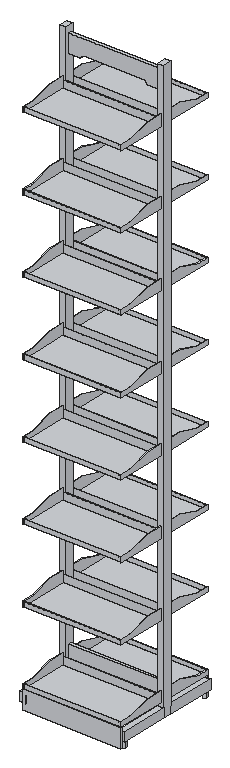
Revit family "RX Shelf Unit", category Specialty Equipment, Revit 2016
Family settings
  Part Type = Normal
  Round Connector Dimension = Use Diameter
  Work Plane-Based = No
  Always vertical = Yes
  Cut with Voids When Loaded = No
  Shared = No
  Room Calculation Point = No
Parameters (values of type "16" Aisle")
  Width Classifications [instance] = "1 = 8 inch, 2 = 10 inch, 3 = 16 inch, 4 = 18 inch"  # constant formula
  Width Class Types = "1 = 8\", 2 = 10\", 3 = 16\", 4 = 18\""
  Wall Unit = not(Aisle Unit)  # no
  Unit Width = if(Width Types = 1, 1' 4", if(Width Types = 2, 2' 8", if(Width Types = 3, 4' 0", 1' 4")))  # 1' - 4"
  Unit Height [instance] = 8' - 0"
  Unit Depth Front [instance] = Front Shelf Depth + 0' 0 3/4"  # 0' - 8 3/4"
  Unit Depth Back [instance] = Back Shelf Depth + 0' 0 3/4"  # 0' - 8 3/4"
  Top Stretcher Height [instance] = Unit Height - 0' 1"  # 7' - 11"
  Starter Unit [instance] = yes
  Solid Back Visible [instance] = not(Open Backed)  # no
  Right End Cap Visible [instance] = no
  Open Backed [instance] = yes
  Width Types = 1
  Left End Override [instance] = if(Starter Unit, Left End Cap Visible, Starter Unit)  # no
  Left End Cap Visible [instance] = no
  Kickplate Visible [instance] = yes
  Front Shelf Depth Type [instance] = 1
  Front Shelf Depth [instance] = if(Front Shelf Depth Type = 1, 0' 8", if(Front Shelf Depth Type = 2, 0' 10", if(Front Shelf Depth Type = 3, 1' 4", if(Front Shelf Depth Type = 4, 1' 6", 0' 8"))))  # 0' - 8"
  Front Shelf Base Visible [instance] = yes
  End Cap Adjustment [instance] = if(Wall Unit, 0' 1", 0' 9")  # 0' - 9"
  Bay Stretcher Length [instance] = Unit Width - 0' 0 31/32"  # 1' - 3 1/32"
  Back Shelf Width Type [instance] = 1
  Back Shelf Depth [instance] = if(Back Shelf Width Type = 1, 0' 8", if(Back Shelf Width Type = 2, 0' 10", if(Back Shelf Width Type = 3, 1' 4", if(Back Shelf Width Type = 4, 1' 6", 0' 8"))))  # 0' - 8"
  Back Shelf Base Visible [instance] = yes
  Back Shelf Base Override [instance] = if(Aisle Unit, Back Shelf Base Visible, Aisle Unit)  # yes
  Back Kickplate Override [instance] = if(Aisle Unit, Kickplate Visible, Aisle Unit)  # yes
  Aisle Unit = yes
  7' Front Slanted Shelf [instance] = no
  7' Front Slanted Override [instance] = if([7' Front Shelf Visible], [7' Front Slanted Shelf], [7' Front Shelf Visible])  # no
  7' Front Shelf Visible [instance] = yes
  7' Front Shelf Override [instance] = if([7' Front Shelf Visible], not([7' Front Slanted Shelf]), [7' Front Shelf Visible])  # yes
  7' Back Slanted Shelf [instance] = no
  7' Back Slanted Override [instance] = if(Aisle Unit, if([7' Back Shelf Visible], [7' Back Slanted Shelf], [7' Back Shelf Visible]), Aisle Unit)  # no
  7' Back Shelf Visible Override [instance] = if(Aisle Unit, if([7' Back Shelf Visible], not([7' Back Slanted Shelf]), [7' Back Shelf Visible]), Aisle Unit)  # yes
  7' Back Shelf Visible [instance] = yes
  6' Front Slanted Shelf [instance] = no
  6' Front Slanted Override [instance] = if([6' Front Shelf Visible], [6' Front Slanted Shelf], [6' Front Shelf Visible])  # no
  6' Front Shelf Visible [instance] = yes
  6' Front Shelf Override [instance] = if([6' Front Shelf Visible], not([6' Front Slanted Shelf]), [6' Front Shelf Visible])  # yes
  6' Back Slanted Shelf [instance] = no
  6' Back Slanted Override [instance] = if(Aisle Unit, if([6' Back Shelf Visible], [6' Back Slanted Shelf], [6' Back Shelf Visible]), Aisle Unit)  # no
  6' Back Shelf Visible Override [instance] = if(Aisle Unit, if([6' Back Shelf Visible], not([6' Back Slanted Shelf]), [6' Back Shelf Visible]), Aisle Unit)  # yes
  6' Back Shelf Visible [instance] = yes
  5' Front Slanted Shelf [instance] = no
  5' Front Slanted Override [instance] = if([5' Front Shelf Visible], [5' Front Slanted Shelf], [5' Front Shelf Visible])  # no
  5' Front Shelf Visible [instance] = yes
  5' Front Shelf Override [instance] = if([5' Front Shelf Visible], not([5' Front Slanted Shelf]), [5' Front Shelf Visible])  # yes
  5' Back Slanted Shelf [instance] = no
  5' Back Slanted Override [instance] = if(Aisle Unit, if([5' Back Shelf Visible], [5' Back Slanted Shelf], [5' Back Shelf Visible]), Aisle Unit)  # no
  5' Back Shelf Visible Override [instance] = if(Aisle Unit, if([5' Back Shelf Visible], not([5' Back Slanted Shelf]), [5' Back Shelf Visible]), Aisle Unit)  # yes
  5' Back Shelf Visible [instance] = yes
  4' Front Slanted Shelf [instance] = no
  4' Front Slanted Override [instance] = if([4' Front Shelf Visible], [4' Front Slanted Shelf], [4' Front Shelf Visible])  # no
  4' Front Shelf Visible [instance] = yes
  4' Front Shelf Override [instance] = if([4' Front Shelf Visible], not([4' Front Slanted Shelf]), [4' Front Shelf Visible])  # yes
  4' Back Slanted Shelf [instance] = no
  4' Back Slanted Override [instance] = if(Aisle Unit, if([4' Back Shelf Visible], [4' Back Slanted Shelf], [4' Back Shelf Visible]), Aisle Unit)  # no
  4' Back Shelf Visible Override [instance] = if(Aisle Unit, if([4' Back Shelf Visible], not([4' Back Slanted Shelf]), [4' Back Shelf Visible]), Aisle Unit)  # yes
  4' Back Shelf Visible [instance] = yes
  3' Front Slanted Shelf [instance] = no
  3' Front Slanted Override [instance] = if([3' Front Shelf Visible], [3' Front Slanted Shelf], [3' Front Shelf Visible])  # no
  3' Front Shelf Override [instance] = if([3' Front Shelf Visible], not([3' Front Slanted Shelf]), [3' Front Shelf Visible])  # yes
  3' Back Slanted Shelf [instance] = no
  3' Back Slanted Override [instance] = if(Aisle Unit, if([3' Back Shelf Visible], [3' Back Slanted Shelf], [3' Back Shelf Visible]), Aisle Unit)  # no
  3' Back Shelf Visible Override [instance] = if(Aisle Unit, if([3' Back Shelf Visible], not([3' Back Slanted Shelf]), [3' Back Shelf Visible]), Aisle Unit)  # yes
  3' Front Shelf Visible [instance] = yes
  3' Back Shelf Visible [instance] = yes
  2' Front Slanted Shelf [instance] = no
  2' Front Slanted Override [instance] = if([2' Front Shelf Visible], [2' Front Slanted Shelf], [2' Front Shelf Visible])  # no
  2' Front Shelf Override [instance] = if([2' Front Shelf Visible], not([2' Front Slanted Shelf]), [2' Front Shelf Visible])  # yes
  2' Back Slanted Shelf [instance] = no
  2' Back Slanted Override [instance] = if(Aisle Unit, if([2' Back Shelf Visible], [2' Back Slanted Shelf], [2' Back Shelf Visible]), Aisle Unit)  # no
  2' Back Shelf Visible Override [instance] = if(Aisle Unit, if([2' Back Shelf Visible], not([2' Back Slanted Shelf]), [2' Back Shelf Visible]), Aisle Unit)  # yes
  2' Front Shelf Visible [instance] = yes
  2' Back Shelf Visible [instance] = yes
  1' Front Slanted Shelf [instance] = no
  1' Front Slanted Override [instance] = if([1' Front Shelf Visible], [1' Front Slanted Shelf], [1' Front Shelf Visible])  # no
  1' Front Shelf Visible [instance] = yes
  1' Front Shelf Override [instance] = if([1' Front Shelf Visible], not([1' Front Slanted Shelf]), [1' Front Shelf Visible])  # yes
  1' Back Slanted Shelf [instance] = no
  1' Back Slanted Override [instance] = if(Aisle Unit, if([1' Back Shelf Visible], [1' Back Slanted Shelf], [1' Back Shelf Visible]), Aisle Unit)  # no
  1' Back Shelf Visible Override [instance] = if(Aisle Unit, if([1' Back Shelf Visible], not([1' Back Slanted Shelf]), [1' Back Shelf Visible]), Aisle Unit)  # yes
  1' Back Shelf Visible [instance] = yes
Types (6): name | Width Class Types | Wall Unit | Unit Width | Width Types | Front Shelf Depth Type | End Cap Adjustment | Bay Stretcher Length | Back Shelf Width Type | Back Shelf Base Override | Back Kickplate Override | Aisle Unit | 7' Front Slanted Shelf | 7' Front Slanted Override | 7' Front Shelf Override | 7' Back Slanted Shelf | 7' Back Slanted Override | 7' Back Shelf Visible Override | 6' Front Slanted Shelf | 6' Front Slanted Override | 6' Front Shelf Override | 6' Back Slanted Shelf | 6' Back Slanted Override | 6' Back Shelf Visible Override | 5' Front Slanted Shelf | 5' Front Slanted Override | 5' Front Shelf Override | 5' Back Slanted Shelf | 5' Back Slanted Override | 5' Back Shelf Visible Override | 4' Front Slanted Shelf | 4' Front Slanted Override | 4' Front Shelf Override | 4' Back Slanted Shelf | 4' Back Slanted Override | 4' Back Shelf Visible Override | 3' Front Slanted Shelf | 3' Front Slanted Override | 3' Front Shelf Override | 3' Back Slanted Shelf | 3' Back Slanted Override | 3' Back Shelf Visible Override | 2' Front Slanted Shelf | 2' Front Slanted Override | 2' Front Shelf Override | 2' Back Slanted Shelf | 2' Back Slanted Override | 2' Back Shelf Visible Override | 1' Front Slanted Shelf | 1' Front Slanted Override | 1' Front Shelf Override | 1' Back Slanted Shelf | 1' Back Slanted Override | 1' Back Shelf Visible Override
  16" Aisle | "1 = 8\", 2 = 10\", 3 = 16\", 4 = 18\"" | no | 1' - 4" | 1 | 1 | 0' - 9" | 1' - 3 1/32" | 1 | yes | yes | yes | no | no | yes | no | no | yes | no | no | yes | no | no | yes | no | no | yes | no | no | yes | no | no | yes | no | no | yes | no | no | yes | no | no | yes | no | no | yes | no | no | yes | no | no | yes | no | no | yes
  32" Aisle | "" | no | 2' - 8" | 2 | 0 | 0' - 9" | 2' - 7 1/32" | 0 | yes | yes | yes | yes | yes | no | yes | yes | no | yes | yes | no | yes | yes | no | yes | yes | no | yes | yes | no | yes | yes | no | yes | yes | no | yes | yes | no | yes | yes | no | yes | yes | no | yes | yes | no | yes | yes | no | yes | yes | no
  48" Aisle | "" | no | 4' - 0" | 3 | 0 | 0' - 9" | 3' - 11 1/32" | 0 | yes | yes | yes | yes | yes | no | yes | yes | no | yes | yes | no | yes | yes | no | yes | yes | no | yes | yes | no | yes | yes | no | yes | yes | no | yes | yes | no | yes | yes | no | yes | yes | no | yes | yes | no | yes | yes | no | yes | yes | no
  16" Wall | "" | yes | 1' - 4" | 1 | 0 | 0' - 1" | 1' - 3 1/32" | 0 | no | no | no | yes | yes | no | yes | no | no | yes | yes | no | yes | no | no | yes | yes | no | yes | no | no | yes | yes | no | yes | no | no | yes | yes | no | yes | no | no | yes | yes | no | yes | no | no | yes | yes | no | yes | no | no
  32" Wall | "" | yes | 2' - 8" | 2 | 0 | 0' - 1" | 2' - 7 1/32" | 0 | no | no | no | yes | yes | no | yes | no | no | yes | yes | no | yes | no | no | yes | yes | no | yes | no | no | yes | yes | no | yes | no | no | yes | yes | no | yes | no | no | yes | yes | no | yes | no | no | yes | yes | no | yes | no | no
  48" Wall | "" | yes | 4' - 0" | 3 | 0 | 0' - 1" | 3' - 11 1/32" | 0 | no | no | no | yes | yes | no | yes | no | no | yes | yes | no | yes | no | no | yes | yes | no | yes | no | no | yes | yes | no | yes | no | no | yes | yes | no | yes | no | no | yes | yes | no | yes | no | no | yes | yes | no | yes | no | no
Reference planes (in)
  plane 1 "Center (Front/Back)": y = 0
  plane 2: z = 0
  plane 3 "Center (Left/Right)": x = 0
  plane 4: x = 16
  plane 5: y = 8.75
  plane 6: y = -8.75
  plane 7 "Back Shelf Slant": through (-240, 23.78365, -5.05537) normal (0, 0.2079, 0.9781)
  plane 8 "Front Side Slant": through (-240, -23.78365, -5.05537) normal (0, 0.2079, -0.9781)
Forms (in)
  Extrusion 1, solid, visible <- "Solid Back Visible"
    sketch origin (0, 0, 0) x (1, 0, 0) y (0, 1, 0)
      loop
        line (0.5, 0.75) -> (0.5, -0.75) -> (15.5, -0.75) -> (15.5, 0.75) -> (0.5, 0.75)
    from 1.5 to 96 <- "Unit Height"
Dimensions and locks (in)
  "Unit Width": plane 3 "Center (Left/Right)" to plane 4
  nested 1 to plane 1 "Center (Front/Back)" = 0' - 0 3/4"
  "Unit Depth Front": plane 1 "Center (Front/Back)" to plane 6
  "Unit Depth Back": plane 5 to plane 1 "Center (Front/Back)"
  locked: plane 3 "Center (Left/Right)" to nested 4 at 0.48437
  locked: plane 3 "Center (Left/Right)" to Extrusion 1 sketch curve at 0.5
  Extrusion 1 sketch curve to plane 4 = 0' - 0 1/2"
  aligned and locked: level to plane 2
  aligned and locked: plane 3 "Center (Left/Right)" to nested 1
  aligned and locked: plane 3 "Center (Left/Right)" to nested 2
  aligned and locked: plane 1 "Center (Front/Back)" to nested 4
  aligned and locked: plane 4 to nested 3
  aligned and locked: plane 1 "Center (Front/Back)" to nested 7
  aligned and locked: plane 4 to nested 7
  aligned and locked: plane 3 "Center (Left/Right)" to nested 8
  aligned and locked: nested 37 to plane 6
  aligned and locked: nested 38 to plane 5
  aligned and locked: plane 3 "Center (Left/Right)" to nested 37
  aligned and locked: nested 38 to plane 3 "Center (Left/Right)"
Automatic sketch dimensions
  plane 1 "Center (Front/Back)" to Extrusion 1 sketch curve = 0' - 0 3/4"
  Extrusion 1 sketch curve to plane 1 "Center (Front/Back)" = 0' - 0 3/4"
Nested families (in)
  nested 1: "Shelf" at (0, -0.75, 3), Unit Width <- "Unit Width", Shelf Depth <- "Front Shelf Depth", visible <- "Front Shelf Base Visible", type "Shelf"
    with Unit Width 1' - 4", Shelf Width 1' - 3 29/32", Shelf Depth 0' - 8"
  nested 2: "Upright" at (0, 0, 0), Depth Back <- "Unit Depth Back", Depth Front <- "Unit Depth Front", Back Side Visible <- "Aisle Unit", visible <- "Starter Unit", Unit Height <- "Unit Height", type "Upright"
    with Unit Height 8' - 0", Depth Front 0' - 8 3/4", Depth Back 0' - 8 3/4", Center Foot Visible no, Back Side Visible yes
  nested 3: "Upright" at (16, 0, 0), Depth Back <- "Unit Depth Back", Depth Front <- "Unit Depth Front", Back Side Visible <- "Aisle Unit", Unit Height <- "Unit Height", type "Upright"
    with Unit Height 8' - 0", Depth Front 0' - 8 3/4", Depth Back 0' - 8 3/4", Center Foot Visible no, Back Side Visible yes
  nested 4: "Bay Stretcher" at (0.48437, 0, 6), Bay Stretcher Length <- "Bay Stretcher Length", visible <- "Open Backed", type "Bay Stretcher"
    with Bay Stretcher Length 1' - 3 1/32"
  nested 5: "Shelf" at (0, 0.75, 3), Unit Width <- "Unit Width", Shelf Depth <- "Back Shelf Depth", visible <- "Back Shelf Base Override", type "Shelf"
    with Unit Width 1' - 4", Shelf Width 1' - 3 29/32", Shelf Depth 0' - 8"
  nested 6: "Bay Stretcher" at (0.48437, 0, 95), Bay Stretcher Length <- "Bay Stretcher Length", built-in parameter 1001364 <- "Top Stretcher Height", visible <- "Open Backed", type "Bay Stretcher"
    with Bay Stretcher Length 1' - 3 1/32"
  nested 7: "Solid End" at (16, 0, 0), Unit Height <- "Unit Height", Back Side Adjust <- "End Cap Adjustment", visible <- "Right End Cap Visible", type "Solid End"
    with Unit Height 8' - 0", Back Side Adjust 0' - 9"
  nested 8: "Solid End" at (0, 0, 0) x (-1, 0, 0) z (0, 0, 1), Unit Height <- "Unit Height", Back Side Adjust <- "End Cap Adjustment", visible <- "Left End Override", type "Solid End"
    with Unit Height 8' - 0", Back Side Adjust 0' - 9"
  nested 9: "Shelf" at (0, -0.75, 27), Unit Width <- "Unit Width", Shelf Depth <- "Front Shelf Depth", visible <- "2' Front Shelf Override", type "Shelf"
    with Unit Width 1' - 4", Shelf Width 1' - 3 29/32", Shelf Depth 0' - 8"
  nested 10: "Shelf" at (0, 0.75, 27), Unit Width <- "Unit Width", Shelf Depth <- "Back Shelf Depth", visible <- "2' Back Shelf Visible Override", type "Shelf"
    with Unit Width 1' - 4", Shelf Width 1' - 3 29/32", Shelf Depth 0' - 8"
  nested 11: "Shelf" at (0, -0.75, 51), Unit Width <- "Unit Width", Shelf Depth <- "Front Shelf Depth", visible <- "4' Front Shelf Override", type "Shelf"
    with Unit Width 1' - 4", Shelf Width 1' - 3 29/32", Shelf Depth 0' - 8"
  nested 12: "Shelf" at (0, 0.75, 51), Unit Width <- "Unit Width", Shelf Depth <- "Back Shelf Depth", visible <- "4' Back Shelf Visible Override", type "Shelf"
    with Unit Width 1' - 4", Shelf Width 1' - 3 29/32", Shelf Depth 0' - 8"
  nested 13: "Shelf" at (0, -0.75, 75), Unit Width <- "Unit Width", Shelf Depth <- "Front Shelf Depth", visible <- "6' Front Shelf Override", type "Shelf"
    with Unit Width 1' - 4", Shelf Width 1' - 3 29/32", Shelf Depth 0' - 8"
  nested 14: "Shelf" at (0, 0.75, 75), Unit Width <- "Unit Width", Shelf Depth <- "Back Shelf Depth", visible <- "6' Back Shelf Visible Override", type "Shelf"
    with Unit Width 1' - 4", Shelf Width 1' - 3 29/32", Shelf Depth 0' - 8"
  nested 15: "Shelf" at (0, -0.75, 15), Unit Width <- "Unit Width", Shelf Depth <- "Front Shelf Depth", visible <- "1' Front Shelf Override", type "Shelf"
    with Unit Width 1' - 4", Shelf Width 1' - 3 29/32", Shelf Depth 0' - 8"
  nested 16: "Shelf" at (0, 0.75, 15), Unit Width <- "Unit Width", Shelf Depth <- "Back Shelf Depth", visible <- "1' Back Shelf Visible Override", type "Shelf"
    with Unit Width 1' - 4", Shelf Width 1' - 3 29/32", Shelf Depth 0' - 8"
  nested 17: "Shelf" at (0, -0.75, 39), Unit Width <- "Unit Width", Shelf Depth <- "Front Shelf Depth", visible <- "3' Front Shelf Override", type "Shelf"
    with Unit Width 1' - 4", Shelf Width 1' - 3 29/32", Shelf Depth 0' - 8"
  nested 18: "Shelf" at (0, 0.75, 39), Unit Width <- "Unit Width", Shelf Depth <- "Back Shelf Depth", visible <- "3' Back Shelf Visible Override", type "Shelf"
    with Unit Width 1' - 4", Shelf Width 1' - 3 29/32", Shelf Depth 0' - 8"
  nested 19: "Shelf" at (0, -0.75, 63), Unit Width <- "Unit Width", Shelf Depth <- "Front Shelf Depth", visible <- "5' Front Shelf Override", type "Shelf"
    with Unit Width 1' - 4", Shelf Width 1' - 3 29/32", Shelf Depth 0' - 8"
  nested 20: "Shelf" at (0, 0.75, 63), Unit Width <- "Unit Width", Shelf Depth <- "Back Shelf Depth", visible <- "5' Back Shelf Visible Override", type "Shelf"
    with Unit Width 1' - 4", Shelf Width 1' - 3 29/32", Shelf Depth 0' - 8"
  nested 21: "Shelf" at (0, -0.75, 87), Unit Width <- "Unit Width", Shelf Depth <- "Front Shelf Depth", visible <- "7' Front Shelf Override", type "Shelf"
    with Unit Width 1' - 4", Shelf Width 1' - 3 29/32", Shelf Depth 0' - 8"
  nested 22: "Shelf" at (0, 0.75, 87), Unit Width <- "Unit Width", Shelf Depth <- "Back Shelf Depth", visible <- "7' Back Shelf Visible Override", type "Shelf"
    with Unit Width 1' - 4", Shelf Width 1' - 3 29/32", Shelf Depth 0' - 8"
  nested 23: "Shelf" at (0, 0.75, 27) x (1, 0, 0) z (0, 0.2079, 0.9781), Unit Width <- "Unit Width", Shelf Depth <- "Back Shelf Depth", visible <- "2' Back Slanted Override", type "Shelf"
    with Unit Width 1' - 4", Shelf Width 1' - 3 29/32", Shelf Depth 0' - 8"
  nested 24: "Shelf" at (0, 0.75, 39) x (1, 0, 0) z (0, 0.2079, 0.9781), Unit Width <- "Unit Width", Shelf Depth <- "Back Shelf Depth", visible <- "3' Back Slanted Override", type "Shelf"
    with Unit Width 1' - 4", Shelf Width 1' - 3 29/32", Shelf Depth 0' - 8"
  nested 25: "Shelf" at (0, 0.75, 51) x (1, 0, 0) z (0, 0.2079, 0.9781), Unit Width <- "Unit Width", Shelf Depth <- "Back Shelf Depth", visible <- "4' Back Slanted Override", type "Shelf"
    with Unit Width 1' - 4", Shelf Width 1' - 3 29/32", Shelf Depth 0' - 8"
  nested 26: "Shelf" at (0, 0.75, 63) x (1, 0, 0) z (0, 0.2079, 0.9781), Unit Width <- "Unit Width", Shelf Depth <- "Back Shelf Depth", visible <- "5' Back Slanted Override", type "Shelf"
    with Unit Width 1' - 4", Shelf Width 1' - 3 29/32", Shelf Depth 0' - 8"
  nested 27: "Shelf" at (0, 0.75, 75) x (1, 0, 0) z (0, 0.2079, 0.9781), Unit Width <- "Unit Width", Shelf Depth <- "Back Shelf Depth", visible <- "6' Back Slanted Override", type "Shelf"
    with Unit Width 1' - 4", Shelf Width 1' - 3 29/32", Shelf Depth 0' - 8"
  nested 28: "Shelf" at (0, 0.75, 87) x (1, 0, 0) z (0, 0.2079, 0.9781), Unit Width <- "Unit Width", Shelf Depth <- "Back Shelf Depth", visible <- "7' Back Slanted Override", type "Shelf"
    with Unit Width 1' - 4", Shelf Width 1' - 3 29/32", Shelf Depth 0' - 8"
  nested 29: "Shelf" at (0, 0.75, 15) x (1, 0, 0) z (0, 0.2079, 0.9781), Unit Width <- "Unit Width", Shelf Depth <- "Back Shelf Depth", visible <- "1' Back Slanted Override", type "Shelf"
    with Unit Width 1' - 4", Shelf Width 1' - 3 29/32", Shelf Depth 0' - 8"
  nested 30: "Shelf" at (0, -0.75, 27) x (1, 0, 0) z (0, -0.2079, 0.9781), Unit Width <- "Unit Width", Shelf Depth <- "Back Shelf Depth", visible <- "2' Front Slanted Override", type "Shelf"
    with Unit Width 1' - 4", Shelf Width 1' - 3 29/32", Shelf Depth 0' - 8"
  nested 31: "Shelf" at (0, -0.75, 15) x (1, 0, 0) z (0, -0.2079, 0.9781), Unit Width <- "Unit Width", Shelf Depth <- "Back Shelf Depth", visible <- "1' Front Slanted Override", type "Shelf"
    with Unit Width 1' - 4", Shelf Width 1' - 3 29/32", Shelf Depth 0' - 8"
  nested 32: "Shelf" at (0, -0.75, 51) x (1, 0, 0) z (0, -0.2079, 0.9781), Unit Width <- "Unit Width", Shelf Depth <- "Back Shelf Depth", visible <- "4' Front Slanted Override", type "Shelf"
    with Unit Width 1' - 4", Shelf Width 1' - 3 29/32", Shelf Depth 0' - 8"
  nested 33: "Shelf" at (0, -0.75, 39) x (1, 0, 0) z (0, -0.2079, 0.9781), Unit Width <- "Unit Width", Shelf Depth <- "Back Shelf Depth", visible <- "3' Front Slanted Override", type "Shelf"
    with Unit Width 1' - 4", Shelf Width 1' - 3 29/32", Shelf Depth 0' - 8"
  nested 34: "Shelf" at (0, -0.75, 75) x (1, 0, 0) z (0, -0.2079, 0.9781), Unit Width <- "Unit Width", Shelf Depth <- "Back Shelf Depth", visible <- "6' Front Slanted Override", type "Shelf"
    with Unit Width 1' - 4", Shelf Width 1' - 3 29/32", Shelf Depth 0' - 8"
  nested 35: "Shelf" at (0, -0.75, 63) x (1, 0, 0) z (0, -0.2079, 0.9781), Unit Width <- "Unit Width", Shelf Depth <- "Back Shelf Depth", visible <- "5' Front Slanted Override", type "Shelf"
    with Unit Width 1' - 4", Shelf Width 1' - 3 29/32", Shelf Depth 0' - 8"
  nested 36: "Shelf" at (0, -0.75, 87) x (1, 0, 0) z (0, -0.2079, 0.9781), Unit Width <- "Unit Width", Shelf Depth <- "Back Shelf Depth", visible <- "7' Front Slanted Override", type "Shelf"
    with Unit Width 1' - 4", Shelf Width 1' - 3 29/32", Shelf Depth 0' - 8"
  nested 37: "Kickplate" at (0, -8.75, 0), Unit Width <- "Unit Width", visible <- "Kickplate Visible", type "Kickplate"
    with Unit Width 1' - 4"
  nested 38: "Kickplate" at (0, 8.75, 0), Unit Width <- "Unit Width", visible <- "Back Kickplate Override", type "Kickplate"
    with Unit Width 1' - 4"
Definition of nested family "Shelf"
  Parameters (values of type "Shelf")
    Unit Width [instance] = 0' - 8"
    Shelf Width [instance] = Unit Width - 0' 0 3/32"  # 0' - 7 29/32"
    Shelf Depth [instance] = 1' - 0"
    Default Elevation = 4' - 0"
  Reference planes (in)
    plane 1 "Center (Front/Back)": y = 0
    plane 2: z = 0
    plane 3 "Center (Left/Right)": x = 0
    plane 4: y = -12
    plane 5: x = 8
  Forms (in)
    Extrusion 1, solid
      sketch origin (0, 0, 0) x (0, 1, 0) y (0, 0, 1)
        loop
          line (-12, 0.75) -> (-12, 0) -> (0, 0) -> (0, 1.28674) -> (-0.0625, 1.28674) -> (-0.0625, 0.0625) -> (-11.9375, 0.0625) -> (-11.9375, 0.75) -> (-12, 0.75)
      from 0.09375 to 7.90625 <- "Shelf Width"
  Dimensions and locks (in)
    "Shelf Depth": plane 1 "Center (Front/Back)" to plane 4
    "Unit Width": plane 3 "Center (Left/Right)" to plane 5
    locked: plane 3 "Center (Left/Right)" to nested 1 at 0.0625
    "Shelf Depth": plane 4 to plane 1 "Center (Front/Back)"
    locked: nested 2 to plane 5 at 0.0625
    locked: Extrusion 1 sketch curve to Extrusion 1 sketch curve at 0.0625  (x3)
    aligned and locked: level to plane 2
    aligned and locked: Extrusion 1 sketch curve to plane 4
    aligned and locked: plane 1 "Center (Front/Back)" to Extrusion 1 sketch curve
  Automatic sketch dimensions
    Extrusion 1 sketch curve to level = 0' - 0"
    level to Extrusion 1 sketch curve = 0' - 1.28674"
    Extrusion 1 sketch curve to Extrusion 1 sketch curve = 0' - 0 11/16"
  Nested families (in)
    nested 1: "Shelf End" at (0.0625, 0, 0), Shelf Depth <- "Shelf Depth", type "Shelf End"
      with Shelf Depth 1' - 0"
    nested 2: "Shelf End" at (7.9375, 0, 0), Shelf Depth <- "Shelf Depth", type "Shelf End"
      with Shelf Depth 1' - 0"
  Definition of nested family "Shelf End"
    Parameters (values of type "Shelf End")
      Shelf Depth [instance] = 0' - 8"
    Reference planes (in)
      plane 1 "Center (Front/Back)": y = 0
      plane 2: z = 0
      plane 3 "Center (Left/Right)": x = 0
      plane 4: y = -8
      plane 5: y = -2.5
      plane 6: y = -6
      plane 7: z = 1.75
      plane 8: z = 0.75
    Forms (in)
      Extrusion 1, solid
        sketch origin (-7.96875, 0.75, -1.5) x (0, 1, 0) y (0, 0, -1)
          loop
            line (-0.75, -1.5) -> (-8.75, -1.5) -> (-8.75, -2.25) -> (-6.75, -2.25) -> (-3.25, -3.25) -> (-0.75, -3.25) -> (-0.75, -1.5)
        from -8 to -7.9375
    Dimensions and locks (in)
      locked: plane 1 "Center (Front/Back)" to plane 5 at 2.5
      locked: plane 6 to plane 4 at 2
      "Shelf Depth": plane 1 "Center (Front/Back)" to plane 4
      aligned and locked: level to plane 2
      aligned and locked: Extrusion 1 to plane 1 "Center (Front/Back)"  (x2)
      aligned and locked: Extrusion 1 to plane 4
      aligned and locked: plane 5 to Extrusion 1 sketch curve
      aligned and locked: Extrusion 1 sketch curve to plane 7
      aligned and locked: plane 6 to Extrusion 1 sketch curve
      aligned and locked: plane 7 to Extrusion 1 sketch curve
      aligned and locked: plane 8 to Extrusion 1 sketch curve
    Automatic sketch dimensions
      Extrusion 1 sketch curve to plane 4 = 0' - 0"
      Extrusion 1 sketch curve to level = 0' - 0"
      Extrusion 1 sketch curve to plane 1 "Center (Front/Back)" = 0' - 0"
Definition of nested family "Upright"
  Parameters (values of type "Upright")
    Unit Height [instance] = 8' - 0"
    Depth Front [instance] = 0' - 8"
    Depth Back [instance] = 0' - 8"
    Center Foot Visible [instance] = not(Back Side Visible)  # no
    Back Side Visible [instance] = yes
  Reference planes (in)
    plane 1 "Center (Front/Back)": y = 0
    plane 2: z = 0
    plane 3 "Center (Left/Right)": x = 0
    plane 4: y = 8
    plane 5: y = -8
  Forms (in)
    Extrusion 1, solid
      sketch origin (0, 0, 0) x (1, 0, 0) y (0, 1, 0)
        loop
          line (-0.48437, 0.75) -> (-0.48437, -0.75) -> (0.48437, -0.75) -> (0.48437, 0.75) -> (-0.48437, 0.75)
      from 1 to 96 <- "Unit Height"
    Extrusion 2, solid, visible <- "Back Side Visible"
      sketch origin (0, 0, 0) x (1, 0, 0) y (0, 1, 0)
        loop
          line (-0.48437, 0.75) -> (0.48437, 0.75) -> (0.48437, 8) -> (-0.48437, 8) -> (-0.48437, 0.75)
      from 1 to 2.5
    Extrusion 3, solid
      sketch origin (0, 0, 0) x (1, 0, 0) y (0, 1, 0)
        loop
          line (-0.48437, -0.75) -> (-0.48437, -8) -> (0.48437, -8) -> (0.48437, -0.75) -> (-0.48437, -0.75)
      from 1 to 2.5
    Extrusion 4, solid, visible <- "Back Side Visible"
      sketch origin (0, 0.42559, 0) x (1, 0, 0) y (0, 1, 0)
        loop
          circle (0, 7.07441) r 0.3125
      from 0 to 1
    Extrusion 5, solid
      sketch origin (0, -0.42559, 0) x (1, 0, 0) y (0, 1, 0)
        loop
          circle (0, -7.07441) r 0.3125
      from 0 to 1
    Extrusion 6, solid, visible <- "Center Foot Visible"
      sketch origin (0, -7.07441, 0) x (1, 0, 0) y (0, 1, 0)
        loop
          circle (0, 7.07441) r 0.3125
      from 0 to 1
  Dimensions and locks (in)
    "Depth Front": plane 1 "Center (Front/Back)" to plane 5
    "Depth Back": plane 1 "Center (Front/Back)" to plane 4
    locked: plane 1 "Center (Front/Back)" to Extrusion 2 sketch curve at 0.75
    locked: plane 4 to Extrusion 4 at 0.5
    locked: Extrusion 5 to plane 5 at 0.5
    aligned and locked: level to plane 2
    aligned and locked: plane 4 to Extrusion 2 sketch curve
    aligned and locked: Extrusion 3 to plane 5
  Automatic sketch dimensions
    Extrusion 1 sketch curve to plane 3 "Center (Left/Right)" = 0' - 0 31/64"
    plane 3 "Center (Left/Right)" to Extrusion 1 sketch curve = 0' - 0 31/64"
    plane 1 "Center (Front/Back)" to Extrusion 1 sketch curve = 0' - 0 3/4"
    Extrusion 1 sketch curve to plane 1 "Center (Front/Back)" = 0' - 0 3/4"
    Extrusion 2 sketch curve to plane 3 "Center (Left/Right)" = 0' - 0 31/64"
    plane 3 "Center (Left/Right)" to Extrusion 2 sketch curve = 0' - 0 31/64"
    Extrusion 3 sketch curve to plane 5 = 0' - 0"
    plane 3 "Center (Left/Right)" to Extrusion 3 sketch curve = 0' - 0 31/64"
    Extrusion 3 sketch curve to plane 3 "Center (Left/Right)" = 0' - 0 31/64"
    Extrusion 3 sketch curve to plane 1 "Center (Front/Back)" = 0' - 0 3/4"
    Extrusion 4 sketch curve to plane 3 "Center (Left/Right)" = 0' - 0"
    Extrusion 4 sketch curve to plane 4 = 0' - 0 1/2"
    Extrusion 5 sketch curve to plane 3 "Center (Left/Right)" = 0' - 0"
    Extrusion 5 sketch curve to plane 5 = 0' - 0 1/2"
    plane 1 "Center (Front/Back)" to Extrusion 6 sketch curve = 0' - 0"
    Extrusion 6 sketch curve to plane 3 "Center (Left/Right)" = 0' - 0"
    radius of Extrusion 4 sketch curve = 0' - 0 5/16"
    radius of Extrusion 5 sketch curve = 0' - 0 5/16"
    radius of Extrusion 6 sketch curve = 0' - 0 5/16"
Definition of nested family "Bay Stretcher"
  Parameters (values of type "Bay Stretcher")
    Bay Stretcher Length [instance] = 2' - 0"
  Reference planes (in)
    plane 1 "Center (Front/Back)": y = 0
    plane 2: z = 0
    plane 3 "Center (Left/Right)": x = 0
    plane 4: x = 24
  Forms (in)
    Extrusion 1, solid
      sketch origin (0, 0, 0) x (1, 0, 0) y (0, 0, 1)
        loop
          line (0, 0) -> (0, -3) -> (2, -3) -> (2.53033, -2.46967) -> (21.46967, -2.46967) -> (22, -3) -> (24, -3) -> (24, 0) -> (0, 0)
      from -0.25 to 0.25
  Dimensions and locks (in)
    plane 4 to plane 3 "Center (Left/Right)" = 2' - 0"
    "Bay Stretcher Length": plane 3 "Center (Left/Right)" to plane 4
    aligned and locked: level to plane 2
    aligned and locked: Extrusion 1 sketch curve to plane 3 "Center (Left/Right)"
  Automatic sketch dimensions
    Extrusion 1 sketch curve to level = 0' - 0"
    Extrusion 1 sketch curve to plane 4 = 0' - 2.53033"
    Extrusion 1 sketch curve to Extrusion 1 sketch curve = 0' - 0.53033"  (x4)
    Extrusion 1 sketch curve to plane 4 = 0' - 0"
    Extrusion 1 sketch curve to level = 0' - 2.46967"
    Extrusion 1 sketch curve to Extrusion 1 sketch curve = 0' - 2"
Definition of nested family "Solid End"
  Parameters (values of type "Solid End")
    Unit Height [instance] = 1' - 0"
    Back Side Adjust [instance] = 0' - 9"
  Reference planes (in)
    plane 1 "Center (Front/Back)": y = 0
    plane 2: z = 0
    plane 3 "Center (Left/Right)": x = 0
    plane 4: y = 9
    plane 5: y = -9
  Forms (in)
    Extrusion 1, solid
      sketch origin (0, 0, 0) x (1, 0, 0) y (0, 1, 0)
        loop
          line (0.5, 9) -> (0.5, -9) -> (1.125, -9) -> (1.125, 9) -> (0.5, 9)
      from 1 to 12 <- "Unit Height"
  Dimensions and locks (in)
    locked: Extrusion 1 sketch curve to Extrusion 1 sketch curve at 0.625
    plane 3 "Center (Left/Right)" to Extrusion 1 sketch curve = 0' - 0 1/2"
    locked: plane 1 "Center (Front/Back)" to plane 5 at 9
    "Back Side Adjust": plane 1 "Center (Front/Back)" to plane 4
    aligned and locked: level to plane 2
    aligned and locked: plane 4 to Extrusion 1
    aligned and locked: Extrusion 1 to plane 5
  Automatic sketch dimensions
    Extrusion 1 sketch curve to plane 5 = 0' - 0"
    Extrusion 1 sketch curve to plane 4 = 0' - 0"
Definition of nested family "Kickplate"
  Parameters (values of type "Kickplate")
    Unit Width [instance] = 1' - 6"
  Reference planes (in)
    plane 1 "Center (Front/Back)": y = 0
    plane 2: z = 0
    plane 3 "Center (Left/Right)": x = 0
    plane 4: x = 18
  Forms (in)
    Extrusion 1, solid
      sketch origin (0, 0, 0) x (1, 0, 0) y (0, 1, 0)
        loop
          line (0, 0) -> (0, -0.125) -> (18, -0.125) -> (18, 0) -> (0, 0)
      from 0 to 3
  Dimensions and locks (in)
    locked: Extrusion 1 sketch curve to Extrusion 1 sketch curve at 0.125
    "Unit Width": plane 3 "Center (Left/Right)" to plane 4
    aligned and locked: level to plane 2
    aligned and locked: Extrusion 1 to plane 3 "Center (Left/Right)"
    aligned and locked: plane 4 to Extrusion 1
  Automatic sketch dimensions
    plane 1 "Center (Front/Back)" to Extrusion 1 sketch curve = 0' - 0"
    Extrusion 1 sketch curve to plane 3 "Center (Left/Right)" = 0' - 0"
    Extrusion 1 sketch curve to plane 4 = 0' - 0"
